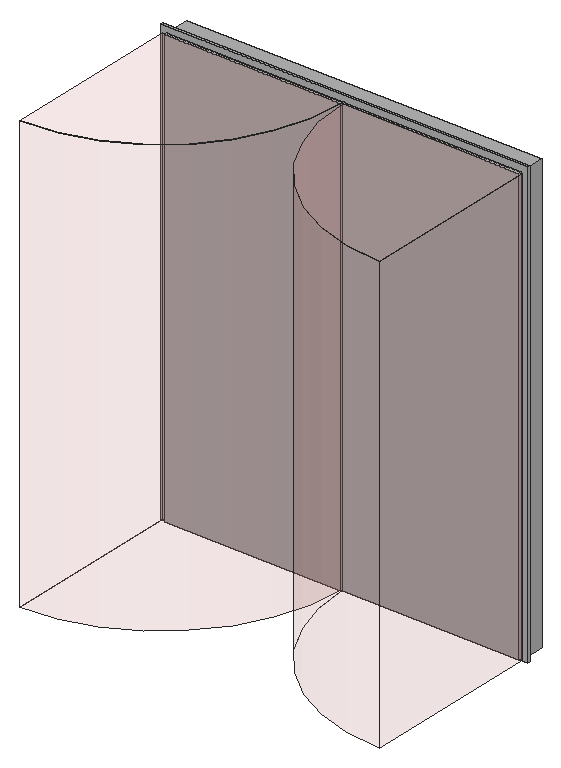
Revit family "ASSA ABLOY - ALPE Sp 120-2, double-leaf, angular frame", category Doors, host Wall, Revit 2021
Family settings
  Host = Wall
  OmniClass Number = 23.30.10.00
  OmniClass Title = Doors
  Always vertical = Yes
  Cut with Voids When Loaded = No
  Shared = No
  Room Calculation Point = No
Parameters (values of type "1600 x 2100 (1605 x 2101)")
  URL = "https://www.assaabloy.com/pl/pl"
  Type Comments = "Door leaf made of two pressed galvanised steel sheets 1,25mm thick. Filled with mineral wool glued to the sheets with polyurethane adhesive. Door with 3-sided thick rebate. "
  Rough Width Real = Width Round + Rough Width Conversion + Rough Width Adjustment  # 1748.000 mm
  Rough Height Real = Height Round + Rough Height Conversion + Rough Height Adjustment  # 2159.000 mm
  Rough Width Conversion = 148.000 mm  # constant formula
  Rough Width Adjustment = 0.000 mm  # constant formula
  Rough Height Conversion = 59.000 mm  # constant formula
  Rough Height Adjustment = 0.000 mm  # constant formula
  Passive Symbol Radius [instance] = Passive Leaf Width + 13.500 mm  # 883.500 mm
  Passive Leaf Width [instance] = Rough Width Real - Middle Post - 4.000 mm  # 870.000 mm
  Opening Zone [instance] = yes
  Model = "Doorset_Steel fireproof door EI120_ASSA ABLOY Opening Solutions_Hardware 3D"
  Middle Post [instance] = Active Leaf Clear Passage Width + 120.000 mm  # 874.000 mm
  Hinges Material = Default steel
  HW Item 9 = "1x 206253: Vercy door stopper, max 120 kg_ASSA ABLOY (option) "
  HW Item 8 = "1x Rosette set PZPZ_Standard ASSA ABLOY"
  HW Item 10 = "1x Planet FT: drop-down seal_Planet (option)"
  Frame Finish [instance] = ""
  Fire Rating = "EI120"  # constant formula
  Width Round = roundup((Width / 5.000 mm)) * 5.000 mm  # 1600.000 mm
  Thickness = 76.000 mm  # constant formula
  Smoke Rating = "Sa, S200 (optional)"
  Rough Width = Width Round + 2.000 mm + Rough Width Conversion + Rough Width Adjustment  # 1750.000 mm
  Rough Height = Height Round + 1.000 mm + Rough Height Conversion + Rough Height Adjustment  # 2160.000 mm
  Readme = "The actual lintel height is consistent with the Rough Height parameter.\nThe final HW Set should be consistent with the function of the door and its  parameters.\nHardware mounted on door surface may affect the clear passage opening. For verification, please contact the specification department.\nFor the corner door frame installed in a steel structure and plasterboard walls, add 3 cm per each leaf to the width of the Rough Width opening."
  Provider = "ASSA ABLOY Opening Solutions"
  Product Group = "Double-Steel"
  Name = "Steel fireproof door EI120"
  Min Door Width = 1170.000 mm
  Min Door Height = 600.000 mm
  Mechanical Strength = 4
  Max Door Width = 2370.000 mm
  Max Door Height = 2500.000 mm
  Manufacturer = "ASSA ABLOY"  # constant formula
  IfcExportType = "USERDEFINED"
  IfcExportAs = "IfcDoorType"
  Height Round = roundup((Height / 5.000 mm)) * 5.000 mm  # 2100.000 mm
  Hardware Set = "1.12PL"
  HW Item 7 = "1x Handle set_Standard ASSA ABLOY"
  HW Item 6 = "1x Euro profile cylinder_Standard ASSA ABLOY"
  HW Item 5 = "1x N4572: central semi-automatic flush bolt _Corni (passive leaf )"
  HW Item 4 = "1x N1050: One System mechanical mortice lockcase for fire doors_ASSA ABLOY"
  HW Item 3 = "2x A153: mechanical opening damper_ASSA ABLOY (option)"
  HW Item 2 = "1x G461: guide rail with integrated coordinator_ASSA ABLOY"
  HW Item 1 = "2x DC700/ DC500: door closer, Cam-Motion®_ASSA ABLOY"
  Function = Interior
  Height = 2100.000 mm
  Wall Closure = By host
  Width = 1600.000 mm
  Frame Type = "Welded steel corner frame, made of galvanised sheet 1,8mm thick."
  Frame Material = Default steel
  Family name = "1.12_DOORSET_ALPE Sp 120-2_DOUBLE-LEAF_CORNER FRAME_ASSA ABLOY PL"
  Environmental Product Declaration (EPD) = "To be confirmed with Provider"  # constant formula
  Environmental Management System = "To be confirmed with Provider"  # constant formula
  Edition number = "1"
  Door Type = "ALPE Sp 120-2"
  Door Material = Default steel
  Door Finish Push Side [instance] = ""
  Door Finish Pull Side [instance] = ""
  Description = "ALPE Sp 120-2, door leaf made of two pressed galvanised steel sheets 1,25mm thick. Filled with mineral wool glued to the sheets with polyurethane adhesive. Door with 3-sided thick rebate. Stainless steel hinges with 3D regulation. Mechanical durability – class C5 according to PN-EN 16034:2014. Mechanical strength – class 4 according to PN-EN 1192:2001. Welded steel corner frame, made of galvanised sheet 1,8mm thick."
  Date of publishing = ""
  Contact Provider = "https://www.assaabloy.com/pl/pl/solutions/topics/bim-specification/contact"
  Brand = "ASSA ABLOY Mercor Doors Sp. z o. o."  # constant formula
  Author = "www.archispace.pl"
  Active Symbol Radius [instance] = Active Leaf Width + 13.500 mm  # 883.500 mm
  Active Leaf Width [instance] = Middle Post - 4.000 mm  # 870.000 mm
  Active Leaf Clear Passage Width = 754.000 mm
Types (7, lengths in mm): name | Rough Width Real | Rough Height Real | Passive Symbol Radius | Passive Leaf Width | Middle Post | Width Round | Rough Width | Rough Height | Height Round | Height | Width | Active Symbol Radius | Active Leaf Width | Active Leaf Clear Passage Width
  1170 x 600 (1175 x 601) | 1318.000 | 659.000 | 668.500 | 655.000 | 659.000 | 1170.000 | 1320.000 | 660.000 | 600.000 | 600.000 | 1170.000 | 668.500 | 655.000 | 539.000
  1250 x 2100 (1255 x 2101) | 1398.000 | 2159.000 | 708.500 | 695.000 | 699.000 | 1250.000 | 1400.000 | 2160.000 | 2100.000 | 2100.000 | 1250.000 | 708.500 | 695.000 | 579.000
  1400 x 2100 (1405 x 2101) | 1548.000 | 2159.000 | 783.500 | 770.000 | 774.000 | 1400.000 | 1550.000 | 2160.000 | 2100.000 | 2100.000 | 1400.000 | 783.500 | 770.000 | 654.000
  1600 x 2100 (1605 x 2101) | 1748.000 | 2159.000 | 883.500 | 870.000 | 874.000 | 1600.000 | 1750.000 | 2160.000 | 2100.000 | 2100.000 | 1600.000 | 883.500 | 870.000 | 754.000
  1800 x 2100 (1805 x 2101) | 1948.000 | 2159.000 | 983.500 | 970.000 | 974.000 | 1800.000 | 1950.000 | 2160.000 | 2100.000 | 2100.000 | 1800.000 | 983.500 | 970.000 | 854.000
  2000 x 2100 (2005 x 2101) | 2148.000 | 2159.000 | 1083.500 | 1070.000 | 1074.000 | 2000.000 | 2150.000 | 2160.000 | 2100.000 | 2100.000 | 2000.000 | 1083.500 | 1070.000 | 954.000
  2370 x 2500 (2375 x 2501) | 2518.000 | 2559.000 | 1268.500 | 1255.000 | 1259.000 | 2370.000 | 2520.000 | 2560.000 | 2500.000 | 2500.000 | 2370.000 | 1268.500 | 1255.000 | 1139.000
Reference planes
  plane 1: y = 0
  plane 2 "Center (Left/Right)": x = 0
  plane 3: z = 2159
  plane 4 "Exterior": y = 120
  plane 5 "Interior": y = -120
  plane 6: x = -874
  plane 7: x = 874
  plane 8: z = 2100
  plane 9: y = -129
  plane 10: x = 0
  plane 11: y = -68
  plane 12: y = -57
  plane 13: y = -2
  plane 14: y = -5.5
  plane 15: z = 2142
  plane 16: x = 857
  plane 17: x = -857
  plane 18: x = 815
  plane 19: x = -815
  plane 20: x = -19
  plane 21: x = 19
  plane 22: y = -138.75
  plane 23: x = -886.5
  plane 24: x = 886.5
  plane 25: z = 8
  plane 26: x = -875
  plane 27: x = 875
  plane 28: z = 2160
  plane 29: z = 2158
Forms (mm)
  Sweep 1, solid, material "Default steel" <- "Frame Material"
    path origin (0, -120, 0) x (1, 0, 0) y (0, 0, 1)
      loop
        line (-874, 0) -> (-874, 2159) -> (874, 2159) -> (874, 0)
    profile origin (-874, -120, 1079.5) x (-1, 0, 0) y (0, -1, 0)
      loop
        line (30, 0) -> (30, 9) -> (-12, 9) -> (-12, -63) -> (-27, -63) -> (-27, -52) -> (-59, -52) -> (-59, -118) -> (-14, -118) -> (-14, -114.5) -> (0, -114.5) -> (0, 0) -> (30, 0)
  Sweep 2, solid, material "Default steel" <- "Door Material"
    path origin (-5000, -120, 0) x (1, 0, 0) y (0, 0, 1)
      loop
        line (4143, 8) -> (4143, 2142) -> (4981, 2142) -> (4981, 8)
    profile origin (-438, -120, 2142) x (0, 0, 1) y (0, -1, 0)
      loop
        line (0, 26) -> (0, 11) -> (16, 11) -> (16, 26) -> (0, 26)
  Sweep 3, solid, material "Default steel" <- "Door Material"
    path origin (0, -120, 0) x (1, 0, 0) y (0, 0, 1)
      loop
        line (0, 8) -> (0, 2142)
    profile origin (0, -120, 1075) x (-1, 0, 0) y (0, -1, 0)
      loop
        line (857, -50) -> (857, 26) -> (19, 26) -> (19, -50) -> (857, -50)
  Sweep 4, solid, material "Opening zone", visible <- "Opening Zone"
    path origin (-5600, 0, 0) x (-1, 0, 0) y (0, 0, 1)
      loop
        line (-5600, 8) -> (-5600, 2158)
    profile origin (0, 0, 1083) x (1, 0, 0) y (0, 1, 0)
      loop
        line (-886.5, -138.75) -> (-886.5, -1022.25)
        arc (-886.5, -1022.25) -> (-261.771, -763.479) -> (-3, -138.75) r 883.5
        line (-3, -138.75) -> (-886.5, -138.75)
  Sweep 5, solid, material "Default steel" <- "Frame Material"
    path origin (0, -120, 0) x (1, 0, 0) y (0, 0, 1)
      loop
        line (0, 8) -> (0, 2100)
    profile origin (0, -120, 1054) x (-1, 0, 0) y (0, -1, 0)
      loop
        line (19, 10) -> (6, 10) -> (-2, 7) -> (-12, 7) -> (-12, -53.75) -> (-23, -53.75) -> (-38.5, -51.5) -> (-41.5, -51.5) -> (-41.5, -63) -> (-56.5, -63) -> (-56.5, -52.5) -> (-61, -52.5) -> (-61, -82.5) -> (87, -82.5) -> (87, -50) -> (19, -50) -> (19, 10)
  Sweep 6, solid, material "Default steel" <- "Door Material"
    path origin (-4260, -120, 0) x (1, 0, 0) y (0, 0, 1)
      loop
        line (4279, 8) -> (4279, 2142) -> (5117, 2142) -> (5117, 8)
    profile origin (438, -120, 2142) x (0, 0, 1) y (0, -1, 0)
      loop
        line (0, 26) -> (0, 11) -> (16, 11) -> (16, 26) -> (0, 26)
  Sweep 7, solid, material "Default steel" <- "Door Material"
    path origin (740, -120, 0) x (1, 0, 0) y (0, 0, 1)
      loop
        line (-740, 8) -> (-740, 2142)
    profile origin (0, -120, 1075) x (-1, 0, 0) y (0, -1, 0)
      loop
        line (-857, -50) -> (-19, -50) -> (-19, 26) -> (-857, 26) -> (-857, -50)
  Sweep 8, solid, material "Opening zone", visible <- "Opening Zone"
    path origin (5600, 0, 0) x (1, 0, 0) y (0, 0, -1)
      loop
        line (-5600, -8) -> (-5600, -2158)
    profile origin (0, 0, 1083) x (1, 0, 0) y (0, 1, 0)
      loop
        line (886.5, -138.75) -> (3, -138.75)
        arc (3, -138.75) -> (261.771, -763.479) -> (886.5, -1022.25) r 883.5
        line (886.5, -1022.25) -> (886.5, -138.75)
Cuts and joins
  joined: Sweep 2, Sweep 3
  joined: Sweep 1, Sweep 5
  joined: Sweep 6, Sweep 7
Lines and regions (mm)
  Masking region 1, detail levels fine
    outline origin (-1132.682, -300, 2037) x (-1, 0, 0) y (0, -1, 0)
      loop
        line (-317.682, -232) -> (-317.682, -298) -> (-272.682, -298) -> (-272.682, -294.5) -> (-258.682, -294.5) -> (-258.682, -180) -> (-228.682, -180) -> (-228.682, -171) -> (-270.682, -171) -> (-270.682, -243) -> (-285.682, -243) -> (-285.682, -232) -> (-317.682, -232)
      loop
        line (-1947.682, -232) -> (-1979.682, -232) -> (-1979.682, -243) -> (-1994.682, -243) -> (-1994.682, -171) -> (-2036.682, -171) -> (-2036.682, -180) -> (-2006.682, -180) -> (-2006.682, -294.5) -> (-1992.682, -294.5) -> (-1992.682, -298) -> (-1947.682, -298) -> (-1947.682, -232)
  Masking region 2, detail levels medium
    outline origin (-1132.682, -300, 2037) x (-1, 0, 0) y (0, -1, 0)
      loop
        line (-317.682, -171) -> (-317.682, -298) -> (-258.682, -298) -> (-258.682, -180) -> (-228.682, -180) -> (-228.682, -171) -> (-317.682, -171)
      loop
        line (-1947.682, -171) -> (-2036.682, -171) -> (-2036.682, -180) -> (-2006.682, -180) -> (-2006.682, -298) -> (-1947.682, -298) -> (-1947.682, -171)
  Masking region 3, detail levels fine
    outline origin (-1132.682, -300, 2037) x (-1, 0, 0) y (0, -1, 0)
      loop
        circle (-246.182, -161.25) r 11
      loop
        circle (-2019.182, -161.25) r 11
  Opening 1
    outline origin (-5000, -120, 0) x (1, 0, 0) y (0, 0, 1)
      loop
        line (4125, 2160) -> (4125, 0) -> (5875, 0) -> (5875, 2160) -> (4125, 2160)
  symbolic lines, style "Elevation Swing"
    curve 1: line (-3, -120, 1079.5) -> (-815, -120, 2100)
    curve 2: line (-3, -120, 1079.5) -> (-815, -120, 8)
    curve 3: line (3, -120, 1079.5) -> (815, -120, 2100)
    curve 4: line (3, -120, 1079.5) -> (815, -120, 8)
Text (mm)
  text "Exterior" at (-1376.75, 1099.543, 0), in view "Ref. Level"
  text "Exterior" at (0, 1615.38, 3698.081), in view "Left"
  text "Exterior" at (0, 1036.032, 3874.932), in view "Right"
Dimensions and locks
  "Rough Height Real": plane 3 to host wall
  equal spacing: host wall, curve 2, plane 3
  host wall to plane 3 = 2159.000 mm
  locked: plane 4 "Exterior" to host wall
  locked: plane 5 "Interior" to host wall
  equal spacing: plane 6, plane 2 "Center (Left/Right)", plane 7
  "Rough Width Real": plane 6 to plane 7
  "Height": plane 8 to level
  locked: Masking region 1 sketch curve to plane 6 at 30
  locked: plane 6 to Masking region 1 sketch curve at 12
  locked: plane 6 to Masking region 1 sketch curve at 59
  locked: plane 9 to plane 5 "Interior" at 9
  locked: plane 5 "Interior" to plane 11 at 52
  locked: plane 11 to plane 12 at 11
  locked: plane 12 to plane 14 at 51.5
  locked: plane 13 to plane 14 at 3.5
  locked: plane 6 to Masking region 1 sketch curve at 14
  locked: plane 6 to Masking region 1 sketch curve at 27
  locked: Masking region 2 sketch curve to plane 6 at 30
  locked: plane 6 to Masking region 2 sketch curve at 59
  locked: plane 7 to Masking region 2 sketch curve at 30
  locked: Masking region 2 sketch curve to plane 7 at 59
  locked: plane 7 to Masking region 1 sketch curve at 30
  locked: Masking region 1 sketch curve to plane 7 at 12
  locked: Masking region 1 sketch curve to plane 7 at 27
  locked: Masking region 1 sketch curve to plane 7 at 59
  locked: Masking region 1 sketch curve to plane 7 at 14
  locked: plane 6 to plane 17 at 17
  locked: plane 16 to plane 7 at 17
  locked: plane 3 to plane 15 at 17
  locked: plane 18 to plane 7 at 59
  locked: plane 6 to plane 19 at 59
  locked: plane 20 to plane 10 at 19
  locked: plane 10 to plane 21 at 19
  "Middle Post": plane 10 to plane 7
  locked: Masking region 3 sketch curve to plane 6 at 12.5
  locked: Masking region 3 sketch curve to plane 5 "Interior" at 18.75  (x2)
  locked: plane 7 to Masking region 3 sketch curve at 12.5
  locked: plane 22 to plane 5 "Interior" at 18.75
  locked: plane 7 to plane 24 at 12.5
  locked: plane 23 to plane 6 at 12.5
  equal spacing: plane 3, curve 4, level
  locked: plane 25 to level at 8
  equal spacing: plane 26, plane 2 "Center (Left/Right)", plane 27
  "Rough Width": plane 26 to plane 27
  "Rough Height": plane 28 to level
  locked: plane 3 to plane 29 at 1
  "Passive Symbol Radius": radius of Sweep 4 sketch curve
  "Active Symbol Radius": radius of Sweep 8 sketch curve
  aligned and locked: plane 1 to host wall
  aligned and locked: level to Sweep 1 sketch curve  (x2)
  aligned and locked: Sweep 1 sketch curve to plane 6
  aligned and locked: plane 7 to Sweep 1 sketch curve
  aligned and locked: plane 2 "Center (Left/Right)" to Sweep 3 sketch curve
  aligned and locked: nested 1 to plane 2 "Center (Left/Right)"
  aligned and locked: plane 5 "Interior" to Masking region 1 sketch curve
  aligned and locked: Masking region 1 sketch curve to plane 6
  aligned and locked: plane 9 to Masking region 1 sketch curve  (x2)
  aligned and locked: Masking region 1 sketch curve to plane 11
  aligned and locked: Masking region 1 sketch curve to plane 12
  aligned and locked: plane 14 to Masking region 1 sketch curve
  aligned and locked: Masking region 1 sketch curve to plane 13
  aligned and locked: plane 9 to Masking region 2 sketch curve
  aligned and locked: Masking region 2 sketch curve to plane 13
  aligned and locked: Masking region 2 sketch curve to plane 9
  aligned and locked: plane 13 to Masking region 2 sketch curve
  aligned and locked: Masking region 2 sketch curve to plane 7
  aligned and locked: Masking region 1 sketch curve to plane 5 "Interior"
  aligned and locked: plane 11 to Masking region 1 sketch curve
  aligned and locked: plane 12 to Masking region 1 sketch curve
  aligned and locked: plane 13 to Masking region 1 sketch curve
  aligned and locked: Masking region 1 sketch curve to plane 14
  aligned and locked: plane 3 to Sweep 1 sketch curve
  aligned and locked: Sweep 2 sketch curve to plane 17
  aligned and locked: Sweep 2 sketch curve to plane 15
  aligned and locked: plane 15 to Sweep 3 sketch curve
  aligned and locked: Sweep 3 sketch curve to plane 17
  aligned and locked: Sweep 5 sketch curve to plane 10
  aligned and locked: plane 20 to Sweep 3 sketch curve
  aligned and locked: plane 20 to Sweep 2 sketch curve
  aligned and locked: Sweep 7 sketch curve to plane 10
  aligned and locked: plane 15 to Sweep 7 sketch curve
  aligned and locked: Sweep 7 sketch curve to plane 21
  aligned and locked: plane 16 to Sweep 7 sketch curve
  aligned and locked: Sweep 6 sketch curve to plane 15
  aligned and locked: Sweep 6 sketch curve to plane 16
  aligned and locked: plane 21 to Sweep 6 sketch curve
  aligned and locked: plane 5 "Interior" to nested 1
  aligned and locked: Sweep 4 sketch curve to plane 22
  aligned and locked: plane 23 to Sweep 4 sketch curve
  aligned and locked: plane 2 "Center (Left/Right)" to Sweep 8 sketch curve
  aligned and locked: plane 22 to Sweep 8 sketch curve
  aligned and locked: Sweep 8 sketch curve to plane 24
  aligned and locked: plane 25 to Sweep 5 sketch curve
  aligned and locked: level to Opening 1 sketch curve
  aligned and locked: Opening 1 sketch curve to plane 26
  aligned and locked: Opening 1 sketch curve to plane 27
  aligned and locked: plane 8 to Sweep 5 sketch curve
  aligned and locked: Opening 1 sketch curve to plane 28
  aligned and locked: plane 25 to Sweep 2 sketch curve  (x2)
  aligned and locked: plane 25 to Sweep 3 sketch curve
  aligned and locked: plane 25 to Sweep 6 sketch curve  (x2)
  aligned and locked: plane 25 to Sweep 7 sketch curve
  aligned and locked: plane 29 to Sweep 8 sketch curve
  aligned and locked: plane 25 to Sweep 8 sketch curve
  aligned and locked: plane 29 to Sweep 4 sketch curve
  aligned and locked: plane 25 to Sweep 4 sketch curve
  aligned and locked: plane 2 "Center (Left/Right)" to Sweep 4 sketch curve
  aligned and locked: plane 8 to curve 1
  aligned and locked: plane 19 to curve 1
  aligned and locked: plane 18 to curve 3
  aligned and locked: plane 8 to curve 3
  aligned and locked: plane 19 to curve 2
  aligned and locked: plane 25 to curve 2
  aligned and locked: plane 18 to curve 4
  aligned and locked: plane 25 to curve 4
Automatic sketch dimensions
  Sweep 2 sketch curve to profile plane = 0.000 mm
  Sweep 2 sketch curve to profile plane = 16.000 mm
  profile plane to Sweep 2 sketch curve = 11.000 mm
  Sweep 2 sketch curve to Sweep 2 sketch curve = 15.000 mm
  Masking region 2 sketch curve to plane 6 = 0.000 mm
  host wall to Masking region 2 sketch curve = 0.000 mm  (x2)
  Sweep 6 sketch curve to profile plane = 0.000 mm
  Sweep 6 sketch curve to profile plane = 16.000 mm
  profile plane to Sweep 6 sketch curve = 11.000 mm
  Sweep 6 sketch curve to Sweep 6 sketch curve = 15.000 mm
  Sweep 1 sketch curve to profile plane = 0.000 mm
  plane 5 "Interior" to Sweep 1 sketch curve = 0.000 mm
  profile plane to Sweep 1 sketch curve = 12.000 mm
  profile plane to Sweep 1 sketch curve = 14.000 mm
  Sweep 1 sketch curve to Sweep 1 sketch curve = 15.000 mm
  Sweep 1 sketch curve to Sweep 1 sketch curve = 32.000 mm
  Sweep 1 sketch curve to Sweep 1 sketch curve = 30.000 mm
  Sweep 1 sketch curve to Sweep 1 sketch curve = 52.000 mm
  Sweep 1 sketch curve to Sweep 1 sketch curve = 11.000 mm
  Sweep 1 sketch curve to Sweep 1 sketch curve = 51.500 mm
  Sweep 1 sketch curve to Sweep 1 sketch curve = 3.500 mm
  plane 5 "Interior" to Sweep 1 sketch curve = 9.000 mm
  Sweep 3 sketch curve to plane 5 "Interior" = 50.000 mm
  plane 5 "Interior" to Sweep 3 sketch curve = 26.000 mm
  Sweep 7 sketch curve to plane 5 "Interior" = 50.000 mm
  plane 5 "Interior" to Sweep 7 sketch curve = 26.000 mm
  Masking region 1 sketch curve to plane 7 = 0.000 mm
  Masking region 1 sketch curve to Masking region 1 sketch curve = 0.000 mm
  profile plane to Sweep 5 sketch curve = 61.000 mm
  Sweep 5 sketch curve to Sweep 5 sketch curve = 4.500 mm
  Sweep 5 sketch curve to Sweep 5 sketch curve = 15.000 mm
  profile plane to Sweep 5 sketch curve = 12.000 mm
  profile plane to Sweep 5 sketch curve = 2.000 mm
  Sweep 5 sketch curve to profile plane = 6.000 mm
  Sweep 5 sketch curve to Sweep 5 sketch curve = 13.000 mm
  Sweep 5 sketch curve to Sweep 5 sketch curve = 68.000 mm
  Sweep 5 sketch curve to plane 5 "Interior" = 82.500 mm
  Sweep 5 sketch curve to Sweep 5 sketch curve = 19.500 mm
  Sweep 5 sketch curve to Sweep 5 sketch curve = 9.250 mm
  Sweep 5 sketch curve to Sweep 5 sketch curve = 10.500 mm
  Sweep 5 sketch curve to Sweep 5 sketch curve = 11.500 mm
  Sweep 5 sketch curve to Sweep 5 sketch curve = 32.500 mm
  plane 5 "Interior" to Sweep 5 sketch curve = 7.000 mm
  Sweep 5 sketch curve to Sweep 5 sketch curve = 3.000 mm  (x2)
  Sweep 5 sketch curve to Sweep 5 sketch curve = 11.000 mm
  plane 10 to curve 2 = 3.000 mm
  curve 3 to plane 10 = 3.000 mm
  radius of Masking region 3 sketch curve = 11.000 mm  (x2)
Nested families
  nested 1: "Detail_Door symbol" at (0, -120, 2037), type "Detail_Door symbol"
Definition of nested family "Detail_Door symbol"
  Parameters (values of type "Detail_Door symbol")
    Rough Width = 1398.000 mm
    Passive Symbol Radius = 387.500 mm
    Passive Leaf Width = 374.000 mm
    Middle Post = 1020.000 mm
    Active Symbol Radius = 1029.500 mm
    Active Leaf Width = 1016.000 mm
  Reference planes
    plane 1 "Center (Front/Back)": y = 0
    plane 2: z = 0
    plane 3 "Center (Left/Right)": x = 0
    plane 4: x = -699
    plane 5: y = -18.75
    plane 6: x = -711.5
    plane 7: y = -32.25
    plane 8: y = -48.25
    plane 9: y = -390.25
    plane 10: y = -406.25
    plane 11: x = -718.75
    plane 12: x = -703.75
    plane 13: x = -642.75
    plane 14: x = 699
    plane 15: y = -18.75
    plane 16: x = 711.5
    plane 17: y = -32.25
    plane 18: y = -48.25
    plane 19: y = -1032.25
    plane 20: y = -1048.25
    plane 21: x = 718.75
    plane 22: x = 703.75
    plane 23: x = 642.75
    plane 24: y = -322.25
    plane 25: y = -470.25
    plane 26: y = -421.25
    plane 27: x = -610.25
    plane 28: x = -610
  Lines and regions (mm)
    Filled region 1, type "Solid Fill - White", in view "Ref. Level", detail levels fine
      outline origin (28.5, 43.059, 0) x (1, 0, 0) y (0, 1, 0)
        loop
          line (-747.25, -75.309) -> (-747.25, -449.309) -> (-732.25, -449.309) -> (-732.25, -433.309) -> (-671.25, -433.309) -> (-671.25, -91.309) -> (-732.25, -91.309) -> (-732.25, -75.309) -> (-747.25, -75.309)
    Filled region 2, type "Solid Fill - White", in view "Ref. Level", detail levels medium
      outline origin (-271.5, 43.059, 0) x (1, 0, 0) y (0, 1, 0)
        loop
          line (-447.25, -75.309) -> (-447.25, -449.309) -> (-371.25, -449.309) -> (-371.25, -75.309) -> (-447.25, -75.309)
    Filled region 3, type "Solid Fill - White", in view "Ref. Level", detail levels fine
      outline origin (-28.5, 43.059, 0) x (0, 1, 0) y (-1, 0, 0)
        loop
          line (-75.309, -747.25) -> (-75.309, -732.25) -> (-91.309, -732.25) -> (-91.309, -671.25) -> (-1075.309, -671.25) -> (-1075.309, -732.25) -> (-1091.309, -732.25) -> (-1091.309, -747.25) -> (-75.309, -747.25)
    Filled region 4, type "Solid Fill - White", in view "Ref. Level", detail levels fine
      outline origin (28.5, -61.941, 0) x (1, 0, 0) y (0, 1, 0)
        loop
          line (-668.75, -408.309) -> (-638.75, -408.309) -> (-638.75, -260.309) -> (-671.25, -260.309) -> (-671.25, -328.309) -> (-731.25, -328.309) -> (-731.25, -341.309) -> (-728.25, -349.309) -> (-728.25, -359.309) -> (-667.5, -359.309) -> (-667.5, -370.309) -> (-669.75, -385.809) -> (-669.75, -388.809) -> (-658.25, -388.809) -> (-658.25, -403.809) -> (-668.75, -403.809) -> (-668.75, -408.309)
    Filled region 5, type "Solid Fill - White", in view "Ref. Level", detail levels medium
      outline origin (183.5, -61.941, 0) x (1, 0, 0) y (0, 1, 0)
        loop
          line (-826.25, -260.309) -> (-826.25, -408.309) -> (-793.75, -408.309) -> (-793.75, -260.309) -> (-826.25, -260.309)
    Filled region 6, type "Solid Fill - White", in view "Ref. Level", detail levels medium
      outline origin (271.5, 43.059, 0) x (0, 1, 0) y (-1, 0, 0)
        loop
          line (-75.309, -447.25) -> (-75.309, -371.25) -> (-1091.309, -371.25) -> (-1091.309, -447.25) -> (-75.309, -447.25)
    detail lines, in view "Ref. Level"
      curve 1: arc (-711.5, -406.25, 0) -> (-437.496, -292.754, 0) -> (-324, -18.75, 0) r 387.5
      curve 3: arc (711.5, -1048.25, 0) -> (-16.466, -746.716, 0) -> (-318, -18.75, 0) r 1029.5
    detail lines, in view "Ref. Level", detail levels coarse
      curve 2: line (-711.5, -406.25, 0) -> (-711.5, -18.75, 0)
      curve 4: line (711.5, -1048.25, 0) -> (711.5, -18.75, 0)
  Dimensions and locks
    locked: plane 10 to plane 9 at 16
    "Passive Leaf Width": plane 10 to plane 7
    locked: plane 11 to plane 4 at 19.75
    locked: plane 12 to plane 4 at 4.75
    locked: plane 11 to plane 13 at 76
    locked: plane 1 "Center (Front/Back)" to plane 5 at 18.75
    locked: plane 6 to plane 4 at 12.5
    locked: plane 1 "Center (Front/Back)" to plane 7 at 32.25
    locked: plane 7 to plane 8 at 16
    "Rough Width": plane 4 to plane 14
    equal spacing: plane 4, plane 3 "Center (Left/Right)", plane 14
    locked: plane 20 to plane 19 at 16
    "Active Leaf Width": plane 20 to plane 17
    locked: plane 21 to plane 14 at 19.75
    locked: plane 22 to plane 14 at 4.75
    locked: plane 21 to plane 23 at 76
    locked: plane 1 "Center (Front/Back)" to plane 15 at 18.75
    locked: plane 16 to plane 14 at 12.5
    locked: plane 1 "Center (Front/Back)" to plane 17 at 32.25
    locked: plane 17 to plane 18 at 16
    locked: plane 26 to plane 10 at 15
    locked: plane 26 to plane 25 at 49
    locked: plane 10 to plane 24 at 84
    locked: plane 13 to plane 27 at 32.5
    locked: plane 27 to plane 28 at 0.25
    "Passive Symbol Radius": radius of curve 1
    "Active Symbol Radius": radius of curve 3
    aligned and locked: plane 6 to curve 1
    aligned and locked: plane 5 to curve 1
    aligned and locked: plane 11 to Filled region 1 sketch curve
    aligned and locked: Filled region 1 sketch curve to plane 10
    aligned and locked: Filled region 1 sketch curve to plane 12  (x2)
    aligned and locked: plane 9 to Filled region 1 sketch curve
    aligned and locked: Filled region 1 sketch curve to plane 13
    aligned and locked: Filled region 1 sketch curve to plane 7
    aligned and locked: plane 8 to Filled region 1 sketch curve
    aligned and locked: Filled region 2 sketch curve to plane 7
    aligned and locked: Filled region 2 sketch curve to plane 10
    aligned and locked: plane 11 to Filled region 2 sketch curve
    aligned and locked: Filled region 2 sketch curve to plane 13
    aligned and locked: curve 3 to plane 16
    aligned and locked: curve 3 to plane 15
    aligned and locked: plane 21 to Filled region 3 sketch curve
    aligned and locked: Filled region 3 sketch curve to plane 20
    aligned and locked: Filled region 3 sketch curve to plane 22  (x2)
    aligned and locked: plane 19 to Filled region 3 sketch curve
    aligned and locked: Filled region 3 sketch curve to plane 23
    aligned and locked: Filled region 3 sketch curve to plane 17
    aligned and locked: plane 18 to Filled region 3 sketch curve
    aligned and locked: plane 24 to Filled region 4 sketch curve
    aligned and locked: plane 9 to Filled region 4 sketch curve
    aligned and locked: Filled region 4 sketch curve to plane 25
    aligned and locked: plane 27 to Filled region 4 sketch curve
    aligned and locked: Filled region 4 sketch curve to plane 13
    aligned and locked: plane 24 to Filled region 5 sketch curve
    aligned and locked: plane 27 to Filled region 5 sketch curve
    aligned and locked: Filled region 5 sketch curve to plane 25
    aligned and locked: Filled region 5 sketch curve to plane 13
    aligned and locked: plane 17 to Filled region 6 sketch curve
    aligned and locked: Filled region 6 sketch curve to plane 21
    aligned and locked: plane 23 to Filled region 6 sketch curve
    aligned and locked: plane 20 to Filled region 6 sketch curve
    aligned and locked: plane 15 to curve 4
    aligned and locked: curve 4 to plane 16
  Automatic sketch dimensions
    Filled region 4 sketch curve to plane 26 = 0.000 mm
    plane 13 to Filled region 4 sketch curve = 1.500 mm
    plane 10 to Filled region 4 sketch curve = 5.000 mm
    Filled region 4 sketch curve to plane 10 = 3.000 mm
    Filled region 4 sketch curve to Filled region 4 sketch curve = 3.000 mm
    Filled region 4 sketch curve to Filled region 4 sketch curve = 11.000 mm
    Filled region 4 sketch curve to Filled region 4 sketch curve = 15.000 mm
    plane 13 to Filled region 4 sketch curve = 3.750 mm
    plane 25 to Filled region 4 sketch curve = 4.500 mm
    plane 12 to Filled region 4 sketch curve = 1.000 mm
    Filled region 4 sketch curve to plane 4 = 0.750 mm
    Filled region 4 sketch curve to Filled region 4 sketch curve = 11.500 mm
    plane 13 to Filled region 4 sketch curve = 2.500 mm
    curve 2 to plane 5 = 0.000 mm
